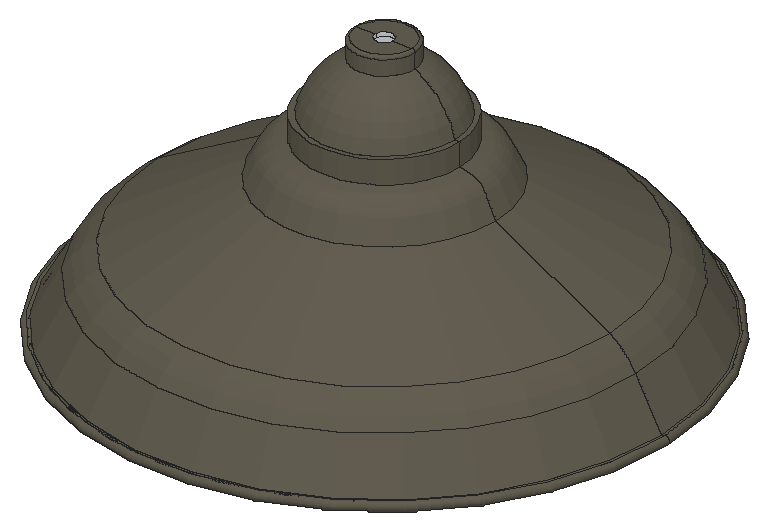
Revit family "W5167 SHADE", category Lighting Fixtures, Revit 2024
Family settings
  Round Connector Dimension = Use Diameter
  Part Type = Normal
  OmniClass Number = 23.80.70.00
  OmniClass Title = Lighting
  Work Plane-Based = No
  Always vertical = Yes
  Cut with Voids When Loaded = No
  Light Source = Yes
  Maintain Annotation Orientation = No
  Shared = No
  Room Calculation Point = No
Parameters
  Wattage = 12.1178 W
  built-in parameter 1150110 = 1 (stored number, unit not read)
  built-in parameter 1114217 = 1 (stored number, unit not read)
  built-in parameter 1150109 = 1 (stored number, unit not read)
  built-in parameter 1150134 = (empty or 0)
  built-in parameter 1150113 = 1 (stored number, unit not read)
  Lumens = 1800 lm
  built-in parameter 1150115 = 1 (stored number, unit not read)
  built-in parameter 1150105 = 572.96 (stored number, unit not read)
  Light Source Symbol Size = 2' - 0"
  built-in parameter 1150137 = (empty or 0)
  built-in parameter 1150139 = (empty or 0)
  built-in parameter 1150112 = 1 (stored number, unit not read)
  built-in parameter 1150114 = 1 (stored number, unit not read)
  built-in parameter 1150132 = 2
  built-in parameter 1150102 = (empty or 0)
  built-in parameter 1150138 = (empty or 0)
  built-in parameter 1150107 = 3000 (stored number, unit not read)
  built-in parameter 1150106 = 5.7296 (stored number, unit not read)
  built-in parameter 1150104 = 13.8 (stored number, unit not read)
  Dimming Lamp Color Temperature Shift = (empty or 0)
  Default Elevation = 0' - 0"
  Color Filter = 16777215
  built-in parameter 1114218 = 1 (stored number, unit not read)
  built-in parameter 1150133 = 10 (stored number, unit not read)
Reference planes (in)
  plane 1 "Light Source Axis (F/B)": y = 0
  plane 2: z = 0
  plane 3 "Light Source Axis (L/R)": x = 0
  plane 4 "Light Source Elevation": z = 84
Forms (in)
  Revolve 1, solid
    sketch origin (0, 0, 0) x (1, 0, 0) y (0, 0, 1)
      loop
        line (-7.7526, 84.15037) -> (-6.99616, 85.46056)
        arc (-6.99616, 85.46056) -> (-6.68605, 85.86484) -> (-6.28195, 86.1752) r 1.95402
        line (-6.28195, 86.1752) -> (-3.06399, 87.92647)
        spline (-3.06399, 87.92647) -> (-2.96357, 88.16788) -> (-2.88252, 88.33682) -> (-2.81576, 88.45446) -> (-2.75795, 88.54162) -> (-2.70528, 88.61009) -> (-2.65348, 88.66579) -> (-2.59684, 88.71573) -> (-2.53248, 88.76129) -> (-2.45573, 88.80201) -> (-2.35843, 88.83816) -> (-2.22334, 88.87363) -> (-2.03125, 88.91384)
        line (-2.03125, 88.91384) -> (-2.03125, 89.53125) -> (-1.89929, 89.53125)
        arc (-1.89929, 89.53125) -> (-1.50691, 90.38252) -> (-0.76019, 90.94911) r 1.93299
        line (-0.76019, 90.94911) -> (-0.76019, 91.40625) -> (-0.25, 91.40625) -> (-0.25, 91.5) -> (-0.77234, 91.5)
        arc (-0.77234, 91.5) -> (-0.83004, 91.4761) -> (-0.85394, 91.4184) r 0.0816
        line (-0.85394, 91.4184) -> (-0.85394, 91.00993)
        arc (-0.85394, 91.00993) -> (-1.57507, 90.44734) -> (-1.97544, 89.625) r 2.02674
        line (-1.97544, 89.625) -> (-2.125, 89.625) -> (-2.125, 88.99149)
        spline (-2.125, 88.99149) -> (-2.29096, 88.95619) -> (-2.41389, 88.92174) -> (-2.51043, 88.88287) -> (-2.59058, 88.83783) -> (-2.65846, 88.78805) -> (-2.71802, 88.73454) -> (-2.77341, 88.67421) -> (-2.82886, 88.60204) -> (-2.88865, 88.51251) -> (-2.95717, 88.39303) -> (-3.03892, 88.22576) -> (-3.13842, 87.9927)
        line (-3.13842, 87.9927) -> (-6.32782, 86.25697)
        arc (-6.32782, 86.25697) -> (-6.75192, 85.93154) -> (-7.07735, 85.50743) r 2.04777
        line (-7.07735, 85.50743) -> (-7.80333, 84.25) -> (-7.875, 84.25)
        arc (-7.875, 84.25) -> (-7.95391, 84.02806) -> (-7.7526, 84.15037) r 0.125
      axis (0, 91.5) -> (0, 84.15037)
    angle from 0 to 360
Dimensions and locks (in)
  aligned and locked: plane 3 "Light Source Axis (L/R)" to imposter light
  aligned and locked: plane 1 "Light Source Axis (F/B)" to imposter light
  aligned and locked: plane 4 "Light Source Elevation" to imposter light
  aligned and locked: level to plane 2
